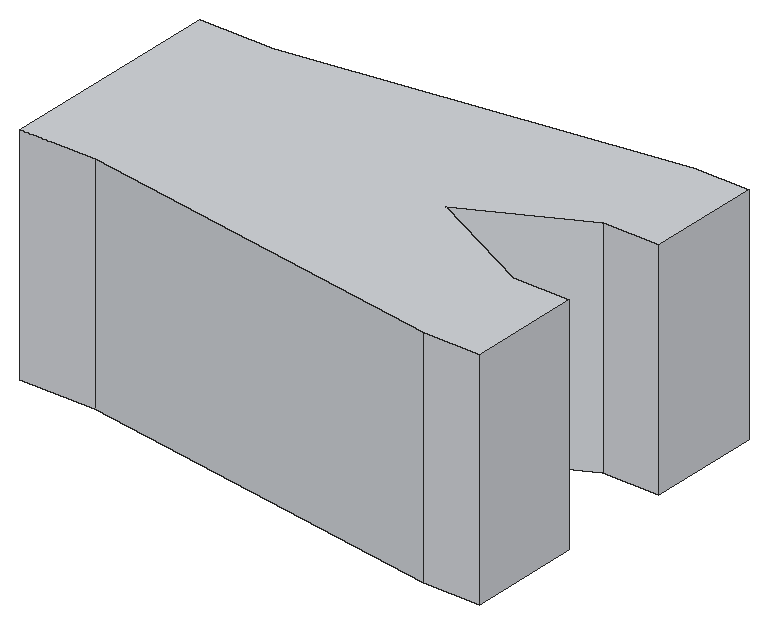
Revit family "b53eaf509ea445f992ab4d13125ef54e", category Duct Fittings, Revit 2021
Family settings
  Round Connector Dimension = Use Diameter
  Part Type = Pants
  OmniClass Number = 23.75.70.14
  OmniClass Title = Air Ductwork
  Seek Item ID = Rectangular Pants - Transition-0000-USA-ENU
  Work Plane-Based = No
  Always vertical = Yes
  Cut with Voids When Loaded = No
  Shared = No
Parameters (values of type "Standard")
  Duct Width 3 [instance] = 6"
  Duct Width 2 [instance] = 6"
  Duct Width 1 [instance] = 12"
  Duct Length 8 [instance] = 1.5 * Duct Width 3  # 9"
  Duct Length 7 [instance] = Duct Width 3 / 2  # 3"
  Duct Length 6 [instance] = 2 * Duct Width 1  # 24"
  Duct Length 5 [instance] = 1.5 * Duct Width 1  # 18"
  Duct Length 4 [instance] = 1.5 * Duct Width 2  # 9"
  Duct Length 3 [instance] = Duct Width 2 / 2  # 3"
  Duct Length 2 [instance] = 2 * Duct Width 1  # 24"
  Duct Length 1 [instance] = Duct Width 1 / 3  # 4"
  Duct Height [instance] = 12"
  Default Elevation = 0' - 0"
Reference planes (in)
  plane 1 "Center (Front/Back)": y = 0
  plane 2: z = 0
  plane 3 "Center (Left/Right)": x = 0
  plane 4: x = 4
  plane 5: y = 6
  plane 6: y = -6
  plane 7: x = 24
  plane 8: x = 27
  plane 9: y = 9
  plane 10: y = 3
  plane 11: x = 18
  plane 12: x = 24
  plane 13: x = 27
  plane 14: y = -9
  plane 15: y = -3
  plane 16: y = 6
  plane 17: y = -6
  plane 18: y = 6
  plane 19: y = -6
  plane 20: z = 6
  plane 21: z = -6
  plane 22: y = 6
  plane 23: y = -6
Forms (in)
  Extrusion 1, solid, detail levels medium+fine
    sketch origin (0, 0, 0) x (1, 0, 0) y (0, 1, 0)
      loop
        line (4, 6) -> (0, 6) -> (0, -6) -> (4, -6) -> (24, -9) -> (27, -9) -> (27, -3) -> (24, -3) -> (18, 0) -> (24, 3) -> (27, 3) -> (27, 9) -> (24, 9) -> (4, 6)
    from -6 to 6
Lines and regions (in)
  model lines, detail levels coarse
    curve 1: line (4, 0, 0) -> (24, 6, 0)
    curve 2: line (4, 0, 0) -> (24, -6, 0)
    curve 3: line (24, 6, 0) -> (27, 6, 0)
    curve 4: line (24, -6, 0) -> (27, -6, 0)
    curve 5: line (0, 0, 0) -> (4, 0, 0)
Dimensions and locks (in)
  "Duct Length 1": plane 3 "Center (Left/Right)" to plane 4
  equal spacing: plane 5, plane 1 "Center (Front/Back)", plane 6
  "Duct Width 1": plane 5 to plane 6
  "Duct Length 2": plane 3 "Center (Left/Right)" to plane 7
  "Duct Length 3": plane 7 to plane 8
  "Duct Length 4": plane 1 "Center (Front/Back)" to plane 9
  "Duct Width 2": plane 9 to plane 10
  "Duct Length 5": plane 3 "Center (Left/Right)" to plane 11
  "Duct Length 6": plane 3 "Center (Left/Right)" to plane 12
  "Duct Length 7": plane 12 to plane 13
  "Duct Length 8": plane 1 "Center (Front/Back)" to plane 14
  "Duct Width 3": plane 15 to plane 14
  equal spacing: plane 9, plane 16, plane 10
  equal spacing: plane 15, plane 17, plane 14
  equal spacing: plane 18, plane 1 "Center (Front/Back)", plane 19
  equal spacing: plane 20, plane 2, plane 21
  "Duct Height": plane 20 to plane 21
  equal spacing: plane 22, plane 1 "Center (Front/Back)", plane 23
  aligned and locked: plane 5 to Extrusion 1 sketch curve
  aligned and locked: plane 4 to Extrusion 1 sketch curve  (x2)
  aligned and locked: plane 6 to Extrusion 1 sketch curve
  aligned and locked: plane 15 to Extrusion 1 sketch curve  (x2)
  aligned and locked: plane 7 to Extrusion 1 sketch curve  (x2)
  aligned and locked: plane 1 "Center (Front/Back)" to Extrusion 1 sketch curve
  aligned and locked: plane 11 to Extrusion 1 sketch curve
  aligned and locked: plane 3 "Center (Left/Right)" to Extrusion 1 sketch curve  (x2)
  aligned and locked: Extrusion 1 sketch curve to plane 5
  aligned and locked: Extrusion 1 sketch curve to plane 6
  aligned and locked: plane 12 to Extrusion 1 sketch curve  (x2)
  aligned and locked: plane 13 to Extrusion 1 sketch curve
  aligned and locked: Extrusion 1 sketch curve to plane 14
  aligned and locked: plane 14 to Extrusion 1 sketch curve
  aligned and locked: Extrusion 1 sketch curve to plane 13
  aligned and locked: Extrusion 1 sketch curve to plane 8  (x2)
  aligned and locked: Extrusion 1 sketch curve to plane 10
  aligned and locked: Extrusion 1 sketch curve to plane 9
  aligned and locked: plane 9 to Extrusion 1 sketch curve
  aligned and locked: plane 10 to Extrusion 1 sketch curve
  aligned and locked: plane 7 to curve 1
  aligned and locked: plane 1 "Center (Front/Back)" to curve 2
  aligned and locked: plane 4 to curve 2
  aligned and locked: plane 3 "Center (Left/Right)" to curve 5
  aligned and locked: plane 1 "Center (Front/Back)" to curve 5
  aligned and locked: plane 8 to curve 3
  aligned and locked: curve 3 to plane 16
  aligned and locked: plane 12 to curve 4
  aligned and locked: plane 13 to curve 4
  aligned and locked: curve 4 to plane 17
  aligned and locked: Extrusion 1 to plane 21
  aligned and locked: plane 20 to Extrusion 1
Connectors (in)
  hvac at (0, 0, 0), driven by "Duct Height", driven by "Duct Width 1"
    settings: on Extrusion 1, index 1, duct flow 0 CFM, flow factor 0, pres drop 0.00 in-wg, loss coef 0, conn angle 0.00°, conn width 12", conn height 12", conn diameter 24", duct sys type 28, conn prof type 1, flow config 0, flow direction 0, loss method 0, conn ref index -1, conn util no, is conn primary yes, conn desc ""
  hvac at (27, 6, 0), driven by "Duct Height", driven by "Duct Width 2"
    settings: on Extrusion 1, index 2, duct flow 0 CFM, flow factor 0, pres drop 0.00 in-wg, loss coef 0, conn angle 0.00°, conn width 6", conn height 12", conn diameter 24", duct sys type 28, conn prof type 1, flow config 0, flow direction 0, loss method 0, conn ref index -1, conn util no, is conn primary no, conn desc ""
  hvac at (27, -6, 0), driven by "Duct Height", driven by "Duct Width 3"
    settings: on Extrusion 1, index 3, duct flow 0 CFM, flow factor 0, pres drop 0.00 in-wg, loss coef 0, conn angle 0.00°, conn width 6", conn height 12", conn diameter 24", duct sys type 28, conn prof type 1, flow config 0, flow direction 0, loss method 0, conn ref index -1, conn util no, is conn primary no, conn desc ""
